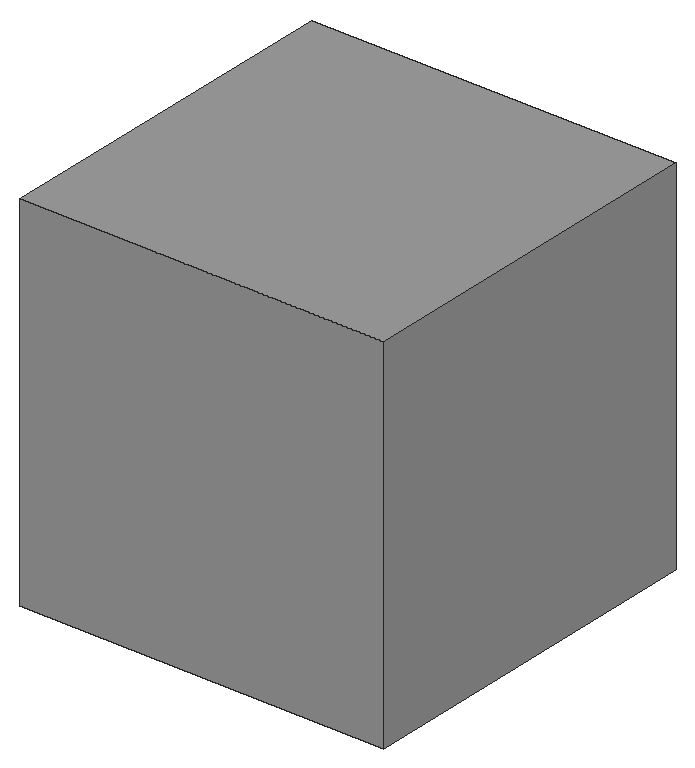
Revit family "Pull Box", category Electrical Fixtures, Revit 2021
Family settings
  Maintain Annotation Orientation = No
  Round Connector Dimension = Use Diameter
  Part Type = Normal
  OmniClass Number = 23.80.00.00
  OmniClass Title = Electric Power and Lighting
  Work Plane-Based = No
  Always vertical = Yes
  Cut with Voids When Loaded = No
  Shared = No
  Room Calculation Point = No
Parameters
  Width [instance] = 200 mm
  SubSquare [instance] = 200 mm
  Material Code [instance] = ""
  LargeSquare [instance] = 200 mm
  IsAutoCalculatePullBoxSize [instance] = ""
  Height [instance] = 200 mm
  Diameter [instance] = Width / 1.1  # 181.818 mm
  Depth [instance] = 200 mm
  Default Elevation = 0 mm
Reference planes
  plane 1 "Center (Front/Back)": y = 0
  plane 2: z = 0
  plane 3 "Center (Left/Right)": x = 0
  plane 4: x = -100
  plane 5: x = 100
  plane 6: y = 100
  plane 7: y = -100
Forms (mm)
  Extrusion 1, solid, material "Default"
    sketch origin (0, 0, 0) x (1, 0, 0) y (0, 1, 0)
      loop
        line (-100, 100) -> (-100, -100) -> (100, -100) -> (100, 100) -> (-100, 100)
    from -100 to 100
Lines and regions (mm)
  model lines, style "Pull Box Line"
    curve 1: circle (0, 0, 100) r 90.909 normal (0, 0, 1)
Dimensions and locks
  "Height": Extrusion 1 to Extrusion 1
  equal spacing: Extrusion 1, level, Extrusion 1
  equal spacing: plane 4, plane 3 "Center (Left/Right)", plane 5
  "Width": plane 4 to plane 5
  equal spacing: plane 7, plane 1 "Center (Front/Back)", plane 6
  "Depth": plane 7 to plane 6
  "Diameter": diameter of curve 1
  aligned and locked: level to plane 2
  aligned and locked: plane 6 to Extrusion 1 sketch curve
  aligned and locked: Extrusion 1 sketch curve to plane 7
  aligned and locked: Extrusion 1 sketch curve to plane 5
  aligned and locked: plane 4 to Extrusion 1 sketch curve
Automatic sketch dimensions
  plane 1 "Center (Front/Back)" to curve 1 = 0 mm
  curve 1 to plane 3 "Center (Left/Right)" = 0 mm
Connectors
  cabletrayconduit at (0, 0, 100), diameter 16
    settings: on Extrusion 1, index 1, connector width 300 mm, connector height 300 mm, connector angle 0.00°, system type 32, placement type 0, profile type 0, connector reference index -1, is primary connector yes, connector utility param no, connector description "Top"
  cabletrayconduit at (0, 100, 0), diameter 16
    settings: on Extrusion 1, index 2, connector width 300 mm, connector height 300 mm, connector angle 0.00°, system type 32, placement type 0, profile type 0, connector reference index -1, is primary connector no, connector utility param no, connector description "Back"
  cabletrayconduit at (0, -100, 0), diameter 16
    settings: on Extrusion 1, index 3, connector width 300 mm, connector height 300 mm, connector angle 0.00°, system type 32, placement type 0, profile type 0, connector reference index -1, is primary connector no, connector utility param no, connector description "Front"
  cabletrayconduit at (-100, 0, 0), diameter 16
    settings: on Extrusion 1, index 4, connector width 300 mm, connector height 300 mm, connector angle 0.00°, system type 32, placement type 0, profile type 0, connector reference index -1, is primary connector no, connector utility param no, connector description "Left"
  cabletrayconduit at (100, 0, 0), diameter 16
    settings: on Extrusion 1, index 5, connector width 300 mm, connector height 300 mm, connector angle 0.00°, system type 32, placement type 0, profile type 0, connector reference index -1, is primary connector no, connector utility param no, connector description "Right"
  cabletrayconduit at (0, 0, -100), diameter 16
    settings: on Extrusion 1, index 6, connector width 300 mm, connector height 300 mm, connector angle 0.00°, system type 32, placement type 0, profile type 0, connector reference index -1, is primary connector no, connector utility param no, connector description "Bottom"
